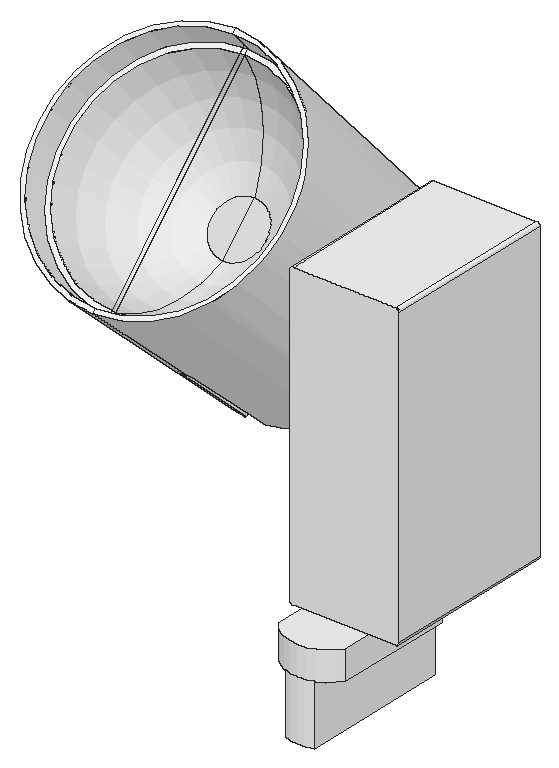
Revit family "0004880 Feilo Sylvania Lighting Fixture START TRACK SPOT L 55W 4K RA90 NB WHITE", category Lighting Fixtures, host Face, Revit 2017 (continued)
Definition of nested family "Start Track Spot Head"
  Types (96, lengths in mm): name | Wattage | built-in parameter 1150134 | Photometric Web File | Model | built-in parameter 1150105 | Lumens | built-in parameter 1150107 | built-in parameter 1150106 | HeadThickness_FEILO | HeadRibOffset_FEILO | HeadRibDepth_FEILO | HeadRibCutWidth_FEILO | HeadRibCutOffset_FEILO | HeadReflectorRadius_FEILO | HeadReflectorOffset_FEILO | HeadLEDRadius_FEILO | HeadHeight_FEILO | HeadDiffusorOffset_FEILO | HeadDiaOut_FEILO | HeadDiaIn_FEILO | HeadAxisFromTop_FEILO | Emit from Circle Diameter | built-in parameter 1150104 | Description | Apparent Load
    0004812 START TRACK SPOT S 14W 3K RA80 MB WHITE | 14 W | (empty or 0) | "0004812.ies" | "START TRACK SPOT S 14W 3K RA80 MB WHITE" | 120.32 (stored number, unit not read) | 1512 lm | 3000 (stored number, unit not read) | 1.2032 (stored number, unit not read) | 1.5 | 4.179 | 55.714 | 7.167 | 50.87 | 50.588 | 55.714 | 9.556 | 117 | 9.435 | 86 | 77.477 | 69.354 | 77.477 | 10.034 (stored number, unit not read) | "Integrated LED spotlight, Textured White - RAL9016, compact and minimalist design, ideal for retail applications, die-cast aluminium body, passive cooling heatsink. Beam angle: 36°, color temperature: 3000K , total system power: 14W, total fixture output: 1508 lm, LOR: 100%, colour rendering: Ra: 80 typical, LED Chromaticity: 3 step MacAdam ellipse, lifetime: >50000 hours at L70B50, energy class: A++, A+, A, IR/UV free light source without heat radiation, operating voltage: 220-240V / 50-60Hz, drive current: 350mA, electronic driver, non-dimmable, power factor: 0.92, electrical protection: Class II, Global Track 3 Phase adapter suitable for Global trac 3-circuit tracks, ingress protection rating: IP20, suitable for internal environment only, horizontal rotation: 355°, vertical tilt: 90°, dimensions: Ø86x140x200, weight: 0.940kg." | 14 VA
    0004811 START TRACK SPOT S 14W 3K RA80 NB WHITE | 14 W | (empty or 0) | "0004811.ies" | "START TRACK SPOT S 14W 3K RA80 NB WHITE" | 123.66 (stored number, unit not read) | 1554 lm | 3000 (stored number, unit not read) | 1.2366 (stored number, unit not read) | 1.5 | 4.179 | 55.714 | 7.167 | 50.87 | 50.588 | 55.714 | 9.556 | 117 | 9.435 | 86 | 77.477 | 69.354 | 77.477 | 10.312 (stored number, unit not read) | "Integrated LED spotlight, Textured White - RAL9016, compact and minimalist design, ideal for retail applications, die-cast aluminium body, passive cooling heatsink. Beam angle: 12°, color temperature: 3000K , total system power: 14W, total fixture output: 1551 lm, LOR: 100%, colour rendering: Ra: 80 typical, LED Chromaticity: 3 step MacAdam ellipse, lifetime: >50000 hours at L70B50, energy class: A++, A+, A, IR/UV free light source without heat radiation, operating voltage: 220-240V / 50-60Hz, drive current: 350mA, electronic driver, non-dimmable, power factor: 0.92, electrical protection: Class II, Global Track 3 Phase adapter suitable for Global trac 3-circuit tracks, ingress protection rating: IP20, suitable for internal environment only, horizontal rotation: 355°, vertical tilt: 90°, dimensions: Ø86x140x200, weight: 0.940kg." | 14 VA
  Reference planes
    plane 1 "Center (Front/Back)": y = 0
    plane 2: z = 0
    plane 3 "Center (Left/Right)": x = 0
    plane 4: x = 43
    plane 5: x = -43
    plane 6: x = -38.739
    plane 7: x = 38.739
    plane 8: z = 69.354
    plane 9: z = -47.646
    plane 10: x = -41.5
    plane 11: x = -37.239
    plane 12: z = -38.211
    plane 13: z = -35.211
    plane 14: z = 8.068
    plane 15: x = -9.556
    plane 16: x = -28.667
    plane 17: x = -19.111
    plane 18: x = -27.167
    plane 19: x = -17.611
    plane 20: x = -8.056
    plane 21: z = 13.64
    plane 22: x = -29.667
    plane 23: x = -26.167
    plane 24: x = -20.111
    plane 25: x = -16.611
    plane 26: x = -10.556
    plane 27: x = -7.056
    plane 28: x = -36.239
    plane 29: x = -40.5
    plane 30: z = 65.175
    plane 31: z = 60.997
    plane 32: z = 56.818
    plane 33: z = 18.484
    plane 34: y = -43
    plane 35: y = 43
    plane 36: y = 3.583
    plane 37: y = -3.583
    plane 38: y = -2.583
    plane 39: y = 2.583
    plane 40: y = 46
    plane 41: z = 13.5
    plane 42: z = -13.5
    plane 43: y = 39
    plane 44: x = 4.708
    plane 45: x = -2.458
    plane 46: x = -1.458
    plane 47: x = 1.458
  Forms (mm)
    Extrusion 1, solid
      sketch origin (4.2, 0, 0) x (1, 0, 0) y (0, 1, 0)
        loop
          line (-1219.2, 1219.2) -> (-1219.2, -1219.2) -> (1219.2, -1219.2) -> (1219.2, 1219.2) -> (-1219.2, 1219.2)
      from 0 to -68.017
    Revolve 2, solid, material <- "Material_1_FEILO", detail levels medium+fine
      sketch origin (0, 0, 0) x (1, 0, 0) y (0, 0, 1)
        loop
          line (-43, -47.646) -> (-41.5, -47.646) -> (-40.5, -35.211) -> (-38.739, -35.211)
          arc (-38.739, -35.211) -> (-30.16, -9.517) -> (-9.556, 8.068) r 50.588
          line (-9.556, 8.068) -> (0, 8.068) -> (0, 13.64) -> (-16.611, 13.64) -> (-17.611, 60.997) -> (-19.111, 60.997) -> (-20.111, 13.64) -> (-36.239, 13.64) -> (-37.239, 69.354) -> (-38.739, 69.354) -> (-43, -47.646)
        axis (0, 69.354) -> (0, -47.646)
      angle from 360 to 0
    Extrusion 3, void
      sketch origin (0, 0, 0) x (0, 1, 0) y (0, 0, 1)
        loop
          line (-3.583, 69.354) -> (-2.583, 18.484) -> (1.932, 18.484) -> (2.932, 69.354) -> (-3.583, 69.354)
      from 43 to -43
    Revolve 4, solid, material <- "Material_2_FEILO", detail levels medium+fine
      sketch origin (0, 0, 0) x (1, 0, 0) y (0, 0, 1)
        loop
          line (-41.5, -38.211) -> (0, -38.211) -> (0, -35.211) -> (-41.5, -35.211) -> (-41.5, -38.211)
        axis (0, -35.211) -> (0, -38.211)
      angle from 360 to 0
    Revolve 5, solid, material <- "Material_1_FEILO"
      sketch origin (0, 0, 0) x (0, 1, 0) y (0, 0, 1)
        loop
          line (46, 0) -> (39, 0) -> (39, -13.5) -> (46, -13.5) -> (46, 0)
        axis (39, 0) -> (46, 0)
      angle from 360 to 0
    Revolve 6, solid, material <- "Material_1_FEILO", detail levels medium+fine
      sketch origin (0, 0, 0) x (1, 0, 0) y (0, 0, 1)
        loop
          line (-29.667, 13.64) -> (-26.167, 13.64) -> (-27.167, 65.175) -> (-28.667, 65.175) -> (-29.667, 13.64)
        loop
          line (-10.556, 13.64) -> (-7.056, 13.64) -> (-7.833, 56.818) -> (-9.778, 56.818) -> (-10.556, 13.64)
        axis (0, 65.175) -> (0, 13.64)
      angle from 360 to 0
    Extrusion 7, void
      sketch origin (0, 0, 0) x (1, 0, 0) y (0, 0, 1)
        loop
          line (4.708, 69.354) -> (-2.458, 69.354) -> (-1.458, 13.64) -> (1.458, 13.64) -> (4.708, 69.354)
      from -43 to 43
    Revolve 8, solid, material <- "Material_1_FEILO", detail levels coarse
      sketch origin (0, 0, 0) x (1, 0, 0) y (0, 0, 1)
        loop
          line (0, 69.354) -> (-38.739, 69.354) -> (-43, -47.646) -> (-41.5, -47.646) -> (-40.731, -38.211) -> (0, -38.211) -> (0, 69.354)
        axis (0, 69.354) -> (0, -47.646)
      angle from 360 to 0
  Cuts and joins
    Extrusion 3 cuts Revolve 2
    Extrusion 7 cuts Revolve 6
  Dimensions and locks
    equal spacing: plane 7, plane 3 "Center (Left/Right)", plane 6
    equal spacing: plane 4, plane 3 "Center (Left/Right)", plane 5
    "HeadDiaOut_FEILO": plane 4 to plane 5
    "HeadDiaIn_FEILO": plane 7 to plane 6
    "HeadHeight_FEILO": plane 8 to plane 9
    "HeadThickness_FEILO": plane 10 to plane 5
    "HeadThickness_FEILO": plane 11 to plane 6
    "HeadDiffusorOffset_FEILO": plane 12 to plane 9
    "HeadDiffusorThickness_FEILO": plane 13 to plane 12
    "HeadReflectorOffset_FEILO": plane 14 to plane 9
    "HeadLEDRadius_FEILO": plane 3 "Center (Left/Right)" to plane 15
    "HeadLEDRadius_FEILO": plane 15 to plane 17
    "HeadLEDRadius_FEILO": plane 17 to plane 16
    "HeadThickness_FEILO": plane 18 to plane 16
    "HeadThickness_FEILO": plane 19 to plane 17
    "HeadThickness_FEILO": plane 20 to plane 15
    "HeadRibDepth_FEILO": plane 8 to plane 21
    "HeadDraft_FEILO": plane 16 to plane 22
    "HeadDraft_FEILO": plane 23 to plane 18
    "HeadDraft_FEILO": plane 17 to plane 24
    "HeadDraft_FEILO": plane 25 to plane 19
    "HeadDraft_FEILO": plane 15 to plane 26
    "HeadDraft_FEILO": plane 27 to plane 20
    "HeadDraft_FEILO": plane 29 to plane 10
    "HeadDraft_FEILO": plane 28 to plane 11
    "HeadRibOffset_FEILO": plane 8 to plane 30
    "HeadRibOffset_FEILO": plane 30 to plane 31
    "HeadRibOffset_FEILO": plane 31 to plane 32
    "HeadAxisFromTop_FEILO": plane 8 to plane 2
    "HeadRibCutOffset_FEILO": plane 8 to plane 33
    equal spacing: plane 34, plane 1 "Center (Front/Back)", plane 35
    "HeadDiaOut_FEILO": plane 34 to plane 35
    equal spacing: plane 38, plane 1 "Center (Front/Back)", plane 39
    equal spacing: plane 37, plane 1 "Center (Front/Back)", plane 36
    "HeadRibCutWidth_FEILO": plane 37 to plane 36
    "HeadDraft_FEILO": plane 37 to plane 38
    locked: plane 35 to plane 40 at 3
    equal spacing: plane 41, plane 2, plane 42
    locked: plane 42 to plane 41 at 27
    locked: plane 43 to plane 35 at 4
    equal spacing: plane 45, imposter light, plane 44
    "HeadDraft_FEILO": plane 46 to plane 45
    "HeadRibCutWidth_FEILO": plane 44 to plane 45
    equal spacing: plane 47, plane 3 "Center (Left/Right)", plane 46
    "HeadReflectorRadius_FEILO": radius of Revolve 2 sketch curve
    aligned and locked: plane 2 to Extrusion 1
    aligned and locked: level to Extrusion 1
    aligned and locked: Revolve 2 sketch curve to plane 3 "Center (Left/Right)"  (x2)
    aligned and locked: plane 9 to Revolve 2 sketch curve  (x2)
    aligned and locked: plane 5 to Revolve 2 sketch curve
    aligned and locked: plane 10 to Revolve 2 sketch curve
    aligned and locked: plane 14 to Revolve 2 sketch curve
    aligned and locked: plane 8 to Revolve 2 sketch curve
    aligned and locked: Revolve 2 sketch curve to plane 13
    aligned and locked: plane 12 to Revolve 4 sketch curve
    aligned and locked: plane 3 "Center (Left/Right)" to Revolve 4 sketch curve
    aligned and locked: Revolve 4 sketch curve to plane 10
    aligned and locked: Revolve 4 sketch curve to plane 3 "Center (Left/Right)"
    aligned and locked: plane 12 to imposter light
    aligned and locked: imposter light to plane 1 "Center (Front/Back)"
    aligned and locked: Revolve 5 sketch curve to plane 2
    aligned and locked: plane 43 to Revolve 5 sketch curve
    aligned and locked: plane 42 to Revolve 5 sketch curve
    aligned and locked: Revolve 6 sketch curve to plane 3 "Center (Left/Right)"
    aligned and locked: plane 22 to Revolve 6 sketch curve
    aligned and locked: plane 30 to Revolve 6 sketch curve
    aligned and locked: plane 23 to Revolve 6 sketch curve
    aligned and locked: Revolve 6 sketch curve to plane 21  (x2)
    aligned and locked: plane 21 to Revolve 6 sketch curve
    aligned and locked: plane 17 to Revolve 2 sketch curve
    aligned and locked: plane 19 to Revolve 2 sketch curve
    aligned and locked: plane 31 to Revolve 2 sketch curve
    aligned and locked: plane 21 to Revolve 2 sketch curve
    aligned and locked: Extrusion 3 to plane 8
    aligned and locked: plane 33 to Extrusion 3
    aligned and locked: plane 8 to Extrusion 3 sketch curve
    aligned and locked: Extrusion 3 sketch curve to plane 33
    aligned and locked: Extrusion 3 to plane 5
    aligned and locked: plane 4 to Extrusion 3
    aligned and locked: plane 32 to Revolve 6 sketch curve
    aligned and locked: plane 44 to Extrusion 7 sketch curve
    aligned and locked: Extrusion 7 sketch curve to plane 8
    aligned and locked: plane 46 to Extrusion 7 sketch curve
    aligned and locked: plane 21 to Extrusion 7 sketch curve
    aligned and locked: plane 34 to Extrusion 7
    aligned and locked: Extrusion 7 to plane 35
    aligned and locked: Revolve 4 sketch curve to plane 13
    aligned and locked: Revolve 5 sketch curve to plane 40
    aligned and locked: Revolve 8 sketch curve to plane 3 "Center (Left/Right)"
    aligned and locked: Revolve 8 sketch curve to cut or joined group of Revolve 2, Extrusion 3  (x3)
    aligned and locked: plane 5 to Revolve 8 sketch curve
    aligned and locked: plane 3 "Center (Left/Right)" to Revolve 8 sketch curve
    aligned and locked: plane 12 to Revolve 8 sketch curve
  Automatic sketch dimensions
    Extrusion 1 sketch curve to Extrusion 1 sketch curve = 2438.4 mm  (x2)
    Extrusion 3 sketch curve to plane 37 = 0 mm
    Extrusion 3 sketch curve to plane 38 = 0 mm
    plane 39 to Extrusion 3 sketch curve = 0.651 mm
    Extrusion 3 sketch curve to plane 39 = 0.349 mm
    Revolve 6 sketch curve to plane 16 = 0 mm
    Revolve 6 sketch curve to plane 18 = 0 mm
    Revolve 6 sketch curve to plane 26 = 0 mm
    Revolve 6 sketch curve to plane 27 = 0 mm
    Revolve 6 sketch curve to plane 15 = 0.222 mm
    plane 9 to Revolve 6 sketch curve = 559.103 mm
    Revolve 6 sketch curve to plane 8 = 2535.555 mm
    plane 20 to Revolve 6 sketch curve = 0.222 mm
    Revolve 2 sketch curve to plane 29 = 0 mm
    Revolve 2 sketch curve to plane 6 = 0 mm  (x2)
    Revolve 2 sketch curve to plane 11 = 0 mm
    Revolve 2 sketch curve to plane 21 = 0 mm
    Revolve 2 sketch curve to plane 28 = 0 mm
    Revolve 2 sketch curve to plane 24 = 0 mm
    Revolve 2 sketch curve to plane 25 = 0 mm
    Revolve 2 sketch curve to plane 15 = 0 mm
    Revolve 2 sketch curve to Revolve 2 sketch curve = 557.155 mm
    Revolve 2 sketch curve to plane 8 = 2535.558 mm
    Extrusion 7 sketch curve to plane 45 = 0 mm
    Extrusion 7 sketch curve to plane 47 = 0 mm
    plane 9 to Revolve 4 sketch curve = 559.103 mm
    Revolve 4 sketch curve to plane 8 = 2535.555 mm
    Revolve 5 sketch curve to level = 0 mm
    plane 34 to Revolve 5 sketch curve = 1968.092 mm
    Revolve 5 sketch curve to plane 40 = 1405.763 mm
    Revolve 8 sketch curve to plane 6 = 0 mm
    Revolve 8 sketch curve to plane 29 = 0.231 mm
    plane 9 to Revolve 8 sketch curve = 559.103 mm
    Revolve 8 sketch curve to Revolve 8 sketch curve = 2535.555 mm
Definition of nested family "Start Track Spot Box"
  Parameters (values of type "Type Large White")
    URL = "http://www.feilosylvania.com"
    Type Image = (empty or 0)
    Type Comments = "n/a"
    Small_FEILO = no
    Material_3_FEILO = none
    Model = ""
    Manufacturer = "Feilo Sylvania"
    Keynote = ""
    Material_2_FEILO = none
    Description = ""
    Default Elevation = 1219.2 mm
    Cost = 0
    Material_1_FEILO = none
    BoxWidth_FEILO = 49 mm
    BoxStartAngle_FEILO [instance] = 0.00°
    BoxRadius_FEILO = 1.5 mm
    BoxHeight_FEILO = if(Small_FEILO, 112 mm, 136 mm)  # 136 mm
    BoxEndAngle_FEILO [instance] = BoxStartAngle_FEILO - 180.00°  # -180.00°
    BoxDepth_FEILO = if(Small_FEILO, 71.5 mm, 79 mm)  # 79 mm
    BoxAxisVerticalOffset_FEILO = 16 mm
    BoxAxisOffset_FEILO = BoxHeight_FEILO / 6.8  # 20 mm
    Assembly Code = ""
    Material_4_FEILO = none
  Types (4, lengths in mm): name | Small_FEILO | BoxHeight_FEILO | BoxDepth_FEILO | BoxAxisOffset_FEILO
    Type Large White | no | 136 | 79 | 20
    Type Small White | yes | 112 | 71.5 | 16.471
    Type Small Black | yes | 112 | 71.5 | 16.471
    Type Large Black | no | 136 | 79 | 20
  Reference planes
    plane 1 "Center (Front/Back)": y = 0
    plane 2: z = 0
    plane 3 "Center (Left/Right)": x = 0
    plane 4: x = 24.5
    plane 5: x = -24.5
    plane 6: y = 68
    plane 7: y = -68
    plane 8: z = 39.5
    plane 9: z = -39.5
    plane 10: y = -48
    plane 11: x = 30.5
    plane 12: x = 8.5
    plane 13: x = 21.5
    plane 14: y = 70
    plane 15: y = 72
    plane 16: x = 19.5
  Forms (mm)
    Extrusion 1, solid
      sketch origin (4.2, 0, 0) x (1, 0, 0) y (0, 1, 0)
        loop
          line (-1219.2, 1219.2) -> (-1219.2, -1219.2) -> (1219.2, -1219.2) -> (1219.2, 1219.2) -> (-1219.2, 1219.2)
      from 0 to -68.017
    Extrusion 2, solid, material <- "Material_1_FEILO"
      sketch origin (0, 0, 0) x (1, 0, 0) y (0, 1, 0)
        loop
          arc (-23, 68) -> (-24.061, 67.561) -> (-24.5, 66.5) r 1.5
          line (-24.5, 66.5) -> (-24.5, -66.5)
          arc (-24.5, -66.5) -> (-24.061, -67.561) -> (-23, -68) r 1.5
          line (-23, -68) -> (23, -68)
          arc (23, -68) -> (24.061, -67.561) -> (24.5, -66.5) r 1.5
          line (24.5, -66.5) -> (24.5, 66.5)
          arc (24.5, 66.5) -> (24.061, 67.561) -> (23, 68) r 1.5
          line (23, 68) -> (-23, 68)
      from -39.5 to 39.5
    Revolve 3, solid, not visible
      sketch origin (0, 0, 0) x (1, 0, 0) y (0, 1, 0)
        loop
          line (30.5, -48) -> (24.5, -48) -> (24.5, -68) -> (30.5, -68) -> (30.5, -48)
        axis (30.5, -48) -> (24.5, -48)
      angle from 0 <- "BoxStartAngle_FEILO" to -180 <- "BoxEndAngle_FEILO"
    Revolve 4, solid, material <- "Material_2_FEILO"
      sketch origin (0, 0, 0) x (1, 0, 0) y (0, 1, 0)
        loop
          line (8.5, 68) -> (19.5, 68) -> (19.5, 70) -> (21.5, 70) -> (21.5, 72) -> (8.5, 72) -> (8.5, 68)
        axis (8.5, 72) -> (8.5, 68)
      angle from 360 to 0
  Dimensions and locks
    equal spacing: plane 5, plane 3 "Center (Left/Right)", plane 4
    "BoxWidth_FEILO": plane 5 to plane 4
    equal spacing: plane 7, plane 1 "Center (Front/Back)", plane 6
    "BoxHeight_FEILO": plane 7 to plane 6
    equal spacing: plane 8, plane 2, plane 9
    "BoxDepth_FEILO": plane 8 to plane 9
    "BoxAxisOffset_FEILO": plane 7 to plane 10
    locked: plane 4 to plane 11 at 6
    "BoxAxisVerticalOffset_FEILO": plane 12 to plane 4
    locked: plane 12 to plane 13 at 13
    plane 6 to plane 14 to plane 15 = 2 mm locked, 2 mm locked
    locked: plane 12 to plane 16 at 11
    "BoxRadius_FEILO": radius of Extrusion 2 sketch curve  (x4)
    aligned and locked: plane 2 to Extrusion 1
    aligned and locked: level to Extrusion 1
    aligned and locked: plane 6 to Extrusion 2 sketch curve
    aligned and locked: plane 5 to Extrusion 2 sketch curve
    aligned and locked: Extrusion 2 sketch curve to plane 7
    aligned and locked: Extrusion 2 sketch curve to plane 4
    aligned and locked: Extrusion 2 to plane 8
    aligned and locked: plane 9 to Extrusion 2
    aligned and locked: Revolve 3 sketch curve to plane 10  (x2)
    aligned and locked: plane 11 to Revolve 3 sketch curve
    aligned and locked: Revolve 3 sketch curve to plane 4
    aligned and locked: plane 7 to Revolve 3 sketch curve
    aligned and locked: Revolve 4 sketch curve to plane 12
    aligned and locked: plane 6 to Revolve 4 sketch curve
    aligned and locked: plane 12 to Revolve 4 sketch curve
    aligned and locked: plane 15 to Revolve 4 sketch curve
    aligned and locked: Revolve 4 sketch curve to plane 13
    aligned and locked: Revolve 4 sketch curve to plane 14
    aligned and locked: Revolve 4 sketch curve to plane 16
    aligned and locked: Revolve 4 sketch curve to plane 6
  Automatic sketch dimensions
    Extrusion 1 sketch curve to Extrusion 1 sketch curve = 2438.4 mm  (x2)
    Revolve 3 sketch curve to plane 5 = 1499.5 mm
    plane 11 to Revolve 3 sketch curve = 1493.5 mm
    plane 15 to Revolve 4 sketch curve = 0 mm
    plane 7 to Revolve 4 sketch curve = 1456 mm
    Revolve 4 sketch curve to plane 15 = 1452 mm
